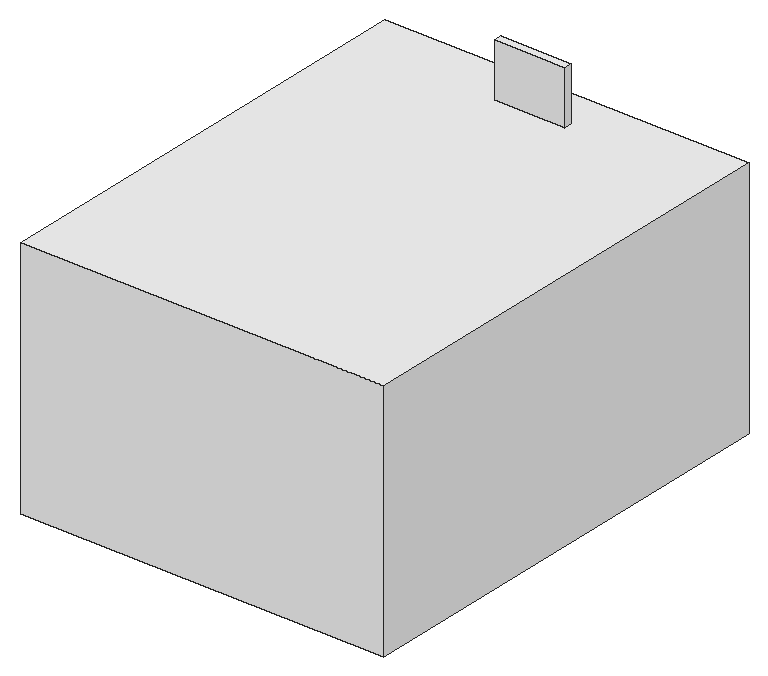
Revit family "Holocom-Enclosures-2015", category Security Devices, host Face, Revit 2015
Parameters (values of type "User Drop Box")
  Width = 2' - 5"
  User Drop Box = yes
  URL = "www.holocom.com"
  Product Page URL = "http://www.holocom.com/pdfs/Product%20files/Secure%20Raceway/SEC-WM-UDB-H1.pdf"
  Product Notes = "16 gauge steel"
  Padlock Hasp = no
  Model = "SEC-WM-UDB"
  Material = Holocom_WhiteTextured
  Manufacturer = "Holocom"  # constant formula
  Latch = no
  Drop Box Interface Sleeve [instance] = no
  High Security Pull Box = not(User Drop Box)  # no
  Height = 3' - 6"
  Depth = 0' - 9 1/2"
  Default Elevation = 4' - 0"
  Compatibility = ""
Types (16): name | Width | User Drop Box | Product Page URL | Product Notes | Padlock Hasp | Model | Latch | High Security Pull Box | Height | Depth
  Pull Box PB01 | 1' - 6" | no | "http://www.holocom.com/pdfs/Product%20files/Secure%20Raceway/SEC-WM-PB1-H1.pdf" | "Available in 16 gauge and 12 gauge steel" | yes | "SEC-WM-PB1" | yes | yes | 1' - 0" | 0' - 4"
  Pull Box PB02 | 2' - 0" | no | "http://www.holocom.com/pdfs/Product%20files/Secure%20Raceway/SEC-WM-PB2-H1.pdf" | "Available in 16 gauge and 12 gauge steel" | yes | "SEC-WM-PB2" | yes | yes | 1' - 4" | 0' - 6"
  Pull Box PB03 | 2' - 0" | yes | "http://www.holocom.com/pdfs/Product%20files/Secure%20Raceway/SEC-WM-PB3-H1.pdf" | "Available in 16 gauge and 12 gauge steel" | no | "SEC-WM-PB3" | no | no | 2' - 0" | 0' - 6"
  Pull Box PB05 | 1' - 6" | no | "http://www.holocom.com/pdfs/Product%20files/Secure%20Raceway/SEC-WM-PB5-H1.pdf" | "16 gauge steel" | yes | "SEC-WM-PB5" | yes | yes | 1' - 0" | 0' - 6"
  Pull Box PB09 | 2' - 6" | no | "http://www.holocom.com/pdfs/Product%20files/Secure%20Raceway/SEC-WM-PB9-H1.pdf" | "16 gauge steel" | yes | "SEC-WM-PB9" | yes | yes | 3' - 0" | 0' - 9"
  Pull Box PB04 H1 | 2' - 0" | no | "TBD" | "16 gauge steel" | yes | "SEC-WM-PB4-H1" | yes | yes | 2' - 0" | 1' - 0"
  Pull Box PB04 H5 | 2' - 0" | no | "http://www.holocom.com/pdfs/Product%20files/Secure%20Raceway/SEC-WM-PB4-H5.pdf" | "12 gauge steel" | yes | "SEC-WM-PB4-H5" | yes | yes | 2' - 0" | 0' - 10"
  Pull Box PB06 | 5' - 0" | no | "TBD" | "16 gauge steel" | yes | "SEC-WM-PB6-H1" | yes | yes | 3' - 4" | 0' - 8"
  Pull Box PB08 | 2' - 0" | no | "TBD" | "16 gauge steel" | yes | "SEC-WM-PB8" | yes | yes | 2' - 0" | 0' - 10"
  Pull Box PB10 | 0' - 5" | no | "TBD" | "16 gauge steel" | yes | "SEC-WM-PB10" | yes | yes | 0' - 5" | 0' - 10"
  Pull Box PB11 | 2' - 5" | no | "TBD" | "16 gauge steel" | yes | "SEC-WM-PB11" | yes | yes | 3' - 0" | 0' - 2 115/128"
  Enclosure 118 | 1' - 0" | no | "http://www.holocom.com/pdfs/Product%20files/Secure%20Raceway/SEC-WM-118-H5.pdf" | "Available in 16 gauge and 12 gauge steel" | yes | "SEC-WM-118" | no | yes | 1' - 0" | 0' - 8"
  Enclosure 885 | 0' - 8" | no | "http://www.holocom.com/pdfs/Product%20files/Secure%20Raceway/SEC-WM-885-H5.pdf" | "Available in 16 gauge and 12 gauge steel" | yes | "SEC-WM-885" | no | yes | 0' - 8" | 0' - 5"
  Enclosure 764 | 0' - 6" | no | "http://www.holocom.com/pdfs/Product%20files/Secure%20Raceway/SEC-WM-764-H5.pdf" | "Available in 16 gauge and 12 gauge steel" | yes | "SEC-WM-764" | no | yes | 0' - 7 1/2" | 0' - 4 1/2"
  Secure Wall Mount Enclosure | 2' - 5" | no | "http://www.holocom.com/pdfs/Product%20files/Secure%20Raceway/SEC-WM-04U-H1.pdf" | "16 gauge steel" | yes | "SEC-WM-04U" | yes | yes | 3' - 6" | 0' - 9 1/2"
  User Drop Box | 2' - 5" | yes | "http://www.holocom.com/pdfs/Product%20files/Secure%20Raceway/SEC-WM-UDB-H1.pdf" | "16 gauge steel" | no | "SEC-WM-UDB" | no | no | 3' - 6" | 0' - 9 1/2"
Reference planes (in)
  plane 1 "Center (Front/Back)": y = 0
  plane 2: z = 0
  plane 3 "Center (Left/Right)": x = 0
  plane 4: y = 21
  plane 5: y = -21
  plane 6: x = -14.5
  plane 7: x = 14.5
  plane 8 "Front": z = 9.5
  plane 9: x = -14
  plane 10: x = 14
  plane 11: y = 20.5
  plane 12: y = -20.5
  plane 13: x = -11
  plane 14: y = 0.5
  plane 15: y = -0.5
  plane 16: z = 10.25
Forms (in)
  Extrusion 1, solid, material "Holocom_WhiteTextured" <- "Material", visible <- "High Security Pull Box"
    sketch origin (0, 0, 0) x (1, 0, 0) y (0, 1, 0)
      loop
        line (-14.5, 21) -> (-14.5, -21) -> (14.5, -21) -> (14.5, 21) -> (-14.5, 21)
    from 0 to 9.5
  Extrusion 2, solid, material "Holocom_WhiteTextured" <- "Material", visible <- "Padlock Hasp"
    sketch origin (0, 0, 9.5) x (-1, 0, 0) y (0, -1, 0)
      loop
        line (13.87682, 0.5) -> (13.87682, -0.5) -> (14, -0.5) -> (14, 0.5) -> (13.87682, 0.5)
    from 0 to 0.75
Lines and regions (in)
  model lines, visible <- "High Security Pull Box"
    curve 1: line (-14, 20.5, 9.5) -> (14, 20.5, 9.5)
    curve 2: line (-14, -20.5, 9.5) -> (-14, 20.5, 9.5)
    curve 3: line (14, -20.5, 9.5) -> (-14, -20.5, 9.5)
    curve 4: line (14, 20.5, 9.5) -> (14, -20.5, 9.5)
Dimensions and locks (in)
  "Width": plane 6 to plane 7
  equal spacing: plane 6, plane 3 "Center (Left/Right)", plane 7
  equal spacing: plane 4, plane 1 "Center (Front/Back)", plane 5
  "Height": plane 4 to plane 5
  "Depth": plane 8 "Front" to plane 2
  plane 4 to plane 11 = 0' - 0 1/2"
  plane 12 to plane 5 = 0' - 0 1/2"
  plane 6 to plane 9 = 0' - 0 1/2"
  plane 10 to plane 7 = 0' - 0 1/2"
  locked: plane 9 to plane 13 at 3
  locked: Extrusion 2 sketch curve to Extrusion 2 sketch curve at 0.12318
  equal spacing: plane 14, plane 1 "Center (Front/Back)", plane 15
  locked: plane 16 to plane 8 "Front" at 0.75
  aligned and locked: plane 2 to host face
  aligned and locked: level to host face
  aligned and locked: Extrusion 1 sketch curve to plane 4
  aligned and locked: Extrusion 1 sketch curve to plane 6
  aligned and locked: Extrusion 1 sketch curve to plane 5
  aligned and locked: Extrusion 1 sketch curve to plane 7
  aligned and locked: plane 8 "Front" to Extrusion 1
  aligned and locked: curve 2 to plane 9
  aligned and locked: curve 3 to plane 12
  aligned and locked: curve 4 to plane 10
  aligned and locked: plane 1 "Center (Front/Back)" to nested 1
  aligned and locked: plane 13 to nested 1
  aligned and locked: Extrusion 2 to plane 9
  aligned and locked: plane 14 to Extrusion 2
  aligned and locked: plane 1 "Center (Front/Back)" to nested 2
  aligned and locked: plane 3 "Center (Left/Right)" to nested 2
  aligned and locked: nested 2 to nested 3  (x2)
Automatic sketch dimensions
  host sketch curve to host sketch curve = 8' - 0"  (x2)
  curve 1 to plane 11 = 0' - 0"
  plane 14 to Extrusion 2 sketch curve = 0' - 0"
  Extrusion 2 sketch curve to plane 15 = 0' - 0"
  Extrusion 2 sketch curve to plane 9 = 0' - 0"
Nested families (in)
  nested 1: "Pull Box Handle" at (-13.5, 0, 9.5), visible <- "Latch", type "Pull Box Handle"
  nested 2: "User Drop Box" at (0, 0, 0), visible <- "User Drop Box", type "User Drop Box"
  nested 3: "Interface Sleeve-Enclosure" at (0, 6, 0), visible <- "Drop Box Interface Sleeve", type "Interface Sleeve-Enclosure"
Definition of nested family "Pull Box Handle"
  Parameters (values of type "Pull Box Handle")
    Material = none
    Height = 0' - 0 1/2"
    Length = 0' - 2 1/2"
    Depth = 0' - 0 1/2"
    Default Elevation = 4' - 0"
  Reference planes (in)
    plane 1 "Center (Front/Back)": y = 0
    plane 2: z = 0
    plane 3 "Left": x = 0
    plane 4 "Right": x = 2.5
    plane 5: y = 0.25
    plane 6: y = -0.25
    plane 7 "Front": z = 0.625
    plane 8 "Back": z = 0.125
  Forms (in)
    Extrusion 1, solid
      sketch origin (0, 0, 0) x (1, 0, 0) y (0, 1, 0)
        loop
          line (-48, 48) -> (-48, -48) -> (48, -48) -> (48, 48) -> (-48, 48)
      from 0 to -12
    Extrusion 2, solid, material <- "Material"
      sketch origin (0, 0, 0) x (1, 0, 0) y (0, 1, 0)
        loop
          circle (2.5, 0) r 0.25
      from 0 to 0.125
    Sweep 3, solid, material <- "Material"
      path origin (0, 0, 0) x (1, 0, 0) y (0, 0, 1)
        loop
          line (2.5, 0.125) -> (2.5, 0.625) -> (0, 0.625)
      profile origin (2.5, 0, 0.375) x (-1, 0, 0) y (0, -1, 0)
        loop
          line (0, -0.25) -> (0.0625, -0.25) -> (0.0625, 0.25) -> (0, 0.25) -> (0, -0.25)
  Lines and regions (in)
    reference lines
      curve 1: line (1.71535, 0, 0) -> (3.34185, 0, 0)
      curve 2: line (2.5, 0.625, 0) -> (2.5, -0.625, 0)
  Dimensions and locks (in)
    equal spacing: plane 5, plane 1 "Center (Front/Back)", plane 6
    "Height": plane 5 to plane 6
    "Length": plane 3 "Left" to plane 4 "Right"
    "Depth": plane 7 "Front" to plane 8 "Back"
    plane 8 "Back" to plane 2 = 0' - 0 1/8"
    aligned and locked: plane 2 to Extrusion 1
    aligned and locked: level to Extrusion 1
    aligned and locked: plane 1 "Center (Front/Back)" to curve 1
    aligned and locked: plane 8 "Back" to Extrusion 2
    aligned and locked: plane 7 "Front" to Sweep 3 sketch curve
    aligned and locked: plane 4 "Right" to Sweep 3 sketch curve  (x2)
    aligned and locked: plane 5 to Sweep 3 sketch curve
    aligned and locked: Sweep 3 sketch curve to plane 6
  Automatic sketch dimensions
    Extrusion 1 sketch curve to Extrusion 1 sketch curve = 8' - 0"  (x2)
    curve 2 to plane 4 "Right" = 0' - 0"
    curve 1 to plane 4 "Right" = 0' - 0.78465"
    plane 4 "Right" to curve 1 = 0' - 0.84185"
    curve 2 to plane 6 = 0' - 0 3/8"
    plane 5 to curve 2 = 0' - 0 3/8"
    plane 1 "Center (Front/Back)" to Extrusion 2 sketch curve = 0' - 0"
    Extrusion 2 sketch curve to plane 4 "Right" = 0' - 0"
    Sweep 3 sketch curve to plane 3 "Left" = 0' - 0"
    Sweep 3 sketch curve to plane 8 "Back" = 0' - 0"
    Sweep 3 sketch curve to profile plane = 0' - 0 1/16"
    radius of Extrusion 2 sketch curve = 0' - 0 1/4"
Definition of nested family "User Drop Box"
  Parameters (values of type "User Drop Box")
    Width = 0' - 6"
    URL = "www.holocom.com"
    Raceway Width = 0' - 2"
    Raceway Offset = 0' - 1 1/2"  # constant formula
    Model = "SEC-WM-UDB3-H1"
    Material = none
    Manufacturer = "Holocom"
    Height = 0' - 7 1/2"
    Depth = 0' - 4"
    Default Elevation = 4' - 0"
  Reference planes (in)
    plane 1 "Center (Front/Back)": y = 0
    plane 2: z = 0
    plane 3 "Center (Left/Right)": x = 0
    plane 4: x = 1
    plane 5: x = -1
    plane 6: y = 3.75
    plane 7: y = -3.75
    plane 8: x = -3
    plane 9: x = 3
    plane 10 "Front": z = 4
    plane 11: x = -2.5
    plane 12: x = 2.5
    plane 13: y = 3
    plane 14: y = -3.25
    plane 15: z = 2
    plane 16: z = 1.5
  Forms (in)
    Extrusion 1, solid
      sketch origin (0, 0, 0) x (1, 0, 0) y (0, 1, 0)
        loop
          line (-48, 48) -> (-48, -48) -> (48, -48) -> (48, 48) -> (-48, 48)
      from 0 to -12
    Extrusion 2, solid, material <- "Material"
      sketch origin (0, 0, 0) x (1, 0, 0) y (0, 1, 0)
        loop
          line (-3, 3.75) -> (-3, -3.75) -> (3, -3.75) -> (3, 3.75) -> (-3, 3.75)
      from 0 to 4
    Extrusion 3, solid, material <- "Material"
      sketch origin (0, 0.12318, 4) x (-1, 0, 0) y (0, -1, 0)
        loop
          line (0.58326, -3) -> (0.58326, -2.87682) -> (-0.58326, -2.87682) -> (-0.58326, -3) -> (0.58326, -3)
      from 0 to 0.88516
  Lines and regions (in)
    model lines
      curve 1: line (-2.5, 3, 4) -> (2.5, 3, 4)
      curve 2: line (-2.5, -3.25, 4) -> (-2.5, 3.25, 4)
      curve 3: line (2.5, -3.25, 4) -> (-2.5, -3.25, 4)
      curve 4: line (2.5, 3.25, 4) -> (2.5, -3.25, 4)
      curve 5: line (-2.5, 3.25, 4) -> (2.5, 3.25, 4)
  Dimensions and locks (in)
    equal spacing: plane 5, plane 3 "Center (Left/Right)", plane 4
    "Raceway Width": plane 5 to plane 4
    "Width": plane 8 to plane 9
    equal spacing: plane 8, plane 3 "Center (Left/Right)", plane 9
    equal spacing: plane 6, plane 1 "Center (Front/Back)", plane 7
    "Height": plane 6 to plane 7
    "Depth": plane 10 "Front" to plane 2
    Extrusion 3 to plane 10 "Front" = 0' - 0.88516"
    locked: Extrusion 3 sketch curve to Extrusion 3 sketch curve at 0.12318
    Extrusion 3 sketch curve to Extrusion 3 sketch curve = 0' - 1.16653"
    equal spacing: Extrusion 3 sketch curve, plane 3 "Center (Left/Right)", Extrusion 3 sketch curve
    "Raceway Offset": plane 16 to plane 2
    aligned and locked: plane 2 to Extrusion 1
    aligned and locked: level to Extrusion 1
    aligned and locked: Extrusion 2 sketch curve to plane 6
    aligned and locked: plane 8 to Extrusion 2 sketch curve
    aligned and locked: plane 7 to Extrusion 2 sketch curve
    aligned and locked: Extrusion 2 sketch curve to plane 9
    aligned and locked: plane 10 "Front" to Extrusion 2
    aligned and locked: curve 1 to plane 13
    aligned and locked: plane 11 to curve 2
    aligned and locked: plane 14 to curve 3
    aligned and locked: curve 4 to plane 12
    aligned and locked: Extrusion 3 to plane 13
  Automatic sketch dimensions
    Extrusion 1 sketch curve to Extrusion 1 sketch curve = 8' - 0"  (x2)
    curve 5 to curve 1 = 0' - 0 1/4"
    Extrusion 3 sketch curve to plane 13 = 0' - 0"
    Extrusion 3 sketch curve to plane 4 = 0' - 0.41674"
Definition of nested family "Interface Sleeve-Enclosure"
  Parameters (values of type "Interface Sleeve-Enclosure")
    Width = 0' - 1 3/4"
    Offset = 0' - 1"
    Material = none
    Depth = 0' - 0 3/4"
    Height = 0' - 2 1/4"
    Default Elevation = 4' - 0"
  Reference planes (in)
    plane 1 "Top": y = 0
    plane 2: z = 0
    plane 3 "Center (Left/Right)": x = 0
    plane 4: x = -0.875
    plane 5: x = 0.875
    plane 6 "Bottom": y = -2.25
    plane 7: z = 1
    plane 8: z = 1.75
    plane 9: z = 1.375
  Forms (in)
    Extrusion 1, solid
      sketch origin (0, 0, 0) x (1, 0, 0) y (0, 1, 0)
        loop
          line (-48, 48) -> (-48, -48) -> (48, -48) -> (48, 48) -> (-48, 48)
      from 0 to -12
    Extrusion 2, solid, material <- "Material"
      sketch origin (0, 0, 0) x (1, 0, 0) y (0, 1, 0)
        loop
          line (-0.875, 0) -> (-0.875, -2) -> (0.875, -2) -> (0.875, 0) -> (-0.875, 0)
      from 1 to 1.75
    Extrusion 3, solid, material <- "Material"
      sketch origin (0, -2.25, 0) x (-1, 0, 0) y (0, 0, 1)
        loop
          circle (0, 1.375) r 1
      from 0 to 0.25
  Lines and regions (in)
    reference lines
      curve 1: line (0, 0, 0) -> (0, -2.25, 0)
  Dimensions and locks (in)
    "Width": plane 4 to plane 5
    equal spacing: plane 4, plane 3 "Center (Left/Right)", plane 5
    "Depth": plane 8 to plane 7
    "Offset": plane 7 to plane 2
    "Height": plane 6 "Bottom" to plane 1 "Top"
    equal spacing: plane 8, plane 9, plane 7
    aligned and locked: plane 2 to Extrusion 1
    aligned and locked: level to Extrusion 1
    aligned and locked: curve 1 to plane 3 "Center (Left/Right)"
    aligned and locked: plane 4 to Extrusion 2 sketch curve
    aligned and locked: Extrusion 2 sketch curve to plane 5
    aligned and locked: Extrusion 2 to Extrusion 3
    aligned and locked: Extrusion 2 to plane 1 "Top"
    aligned and locked: plane 5 to Extrusion 2
    aligned and locked: Extrusion 2 to plane 4
    aligned and locked: Extrusion 2 to plane 7
    aligned and locked: plane 8 to Extrusion 2
    aligned and locked: Extrusion 2 to curve 1
  Automatic sketch dimensions
    Extrusion 1 sketch curve to Extrusion 1 sketch curve = 8' - 0"  (x2)
    Extrusion 2 sketch curve to plane 1 "Top" = 0' - 0"
    curve 1 to plane 6 "Bottom" = 0' - 0"
    plane 1 "Top" to curve 1 = 0' - 0"
    Extrusion 3 sketch curve to plane 3 "Center (Left/Right)" = 0' - 0"
    plane 6 "Bottom" to Extrusion 2 sketch curve = 0' - 0 1/4"
    plane 7 to Extrusion 3 sketch curve = 0' - 0 3/8"
    radius of Extrusion 3 sketch curve = 0' - 1"
